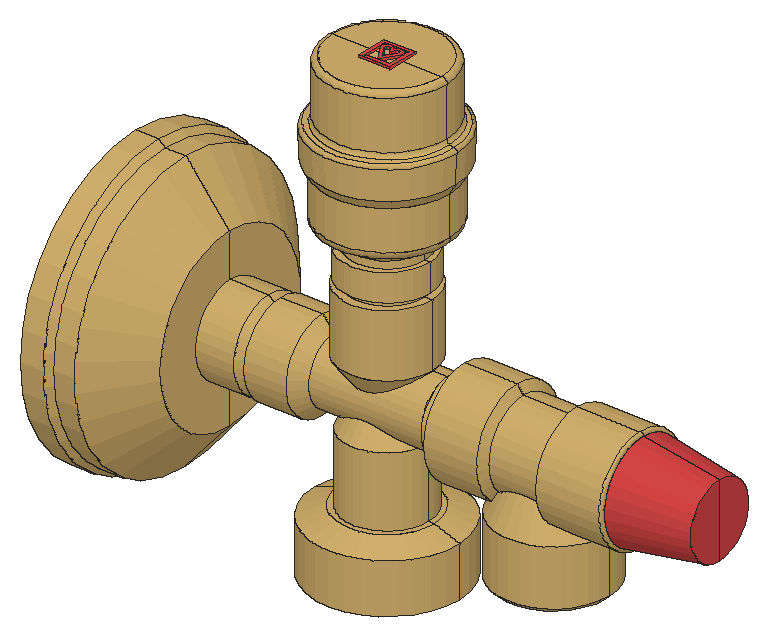
Revit family "Boiler group 2104", category Rohrzubehör, Revit 2021
Family settings
  Bemaßung runder Anschluss = Durchmesser verwenden
  Teiletyp = Normal
  OmniClass-Nummer = 23.65.55.14
  OmniClass-Titel = Valves for Liquid Services
  Arbeitsebenenbasiert = Nein
  Immer vertikal = Ja
  Beim Laden mit Abzugskörper schneiden = Nein
  Gemeinsam genutzt = Nein
Parameters
  min. Operating temperature = -10 °C  # constant formula
  max. Operating temperature = 110 °C  # constant formula
  Weight = 0.663  # constant formula
  Vorgabe-Ansicht = 0.000 mm
  URL = "www.herzvalves.com"
  Thermal insulation = "EPP"  # constant formula
  Safety valve = "forged brass acc. to EN 12165; CW 617N "  # constant formula
  SCRNSEQ = "AWI;AWI_TYP=\"1001\";2"
  SCRNCODE = "02;04;02"  # constant formula
  S08 = 17.700 mm  # constant formula
  S07 = 69.900 mm  # constant formula
  S06 = 42.700 mm  # constant formula
  S05 = 71.000 mm  # constant formula
  S04 = 32.000 mm  # constant formula
  S03 = 45.000 mm  # constant formula
  S02 = L18 + L19  # 95.300 mm
  S01 = 31.800 mm  # constant formula
  R25 = 10.400 mm  # constant formula
  R24 = 13.900 mm  # constant formula
  R23 = 10.400 mm  # constant formula
  R22 = 12.300 mm  # constant formula
  R21 = 14.800 mm  # constant formula
  R20 = 9.300 mm  # constant formula
  R19 = 16.000 mm  # constant formula
  R18 = Nennweite SV / 2  # 10.000 mm
  R17 = 20.800 mm  # constant formula
  R16 = 12.000 mm  # constant formula
  R15 [instance] = Nennweite Anschluss / 2  # 12.500 mm
  R14 = R04  # 10.650 mm
  R13 = 17.900 mm  # constant formula
  R12 = 17.100 mm  # constant formula
  R11 = 12.500 mm  # constant formula
  R10 = R04  # 10.650 mm
  R09 = 13.000 mm  # constant formula
  R08 = R04  # 10.650 mm
  R07 = 9.500 mm  # constant formula
  R06 = 9.300 mm  # constant formula
  R05 = 13.000 mm  # constant formula
  R04 = 21.300 mm / 2  # 10.650 mm
  R03 = 12.700 mm  # constant formula
  R02 = 39.900 mm  # constant formula
  R01 = 41.500 mm  # constant formula
  Pressure gauge = "pressure range display from 0 to 4 bar"  # constant formula
  Part number [instance] = if(Nennweite Anschluss = 25.000 mm, 1210415, 0)  # 1210415
  Opening pressure = 300000.0 Pa  # constant formula
  Nennweite SV = 20.000 mm  # constant formula
  Nennweite Anschluss [instance] = 25.000 mm  # constant formula
  Medium = "water purity in accordance with the ÖNORM H 5195 and VDI 2035 standards"
  L19 = 22.000 mm  # constant formula
  L18 = 73.300 mm  # constant formula
  L17 = 95.300 mm  # constant formula
  L16 = 21.400 mm  # constant formula
  L15 = 47.800 mm  # constant formula
  L14 = 31.500 mm  # constant formula
  L13 = 46.500 mm  # constant formula
  L12 = 29.500 mm  # constant formula
  L11 = 31.200 mm  # constant formula
  L10 = 86.000 mm  # constant formula
  L09 = 20.700 mm  # constant formula
  L08 = 37.200 mm  # constant formula
  L07 = 27.700 mm  # constant formula
  L06 = 34.400 mm  # constant formula
  L05 = 19.400 mm  # constant formula
  L04 = 30.600 mm  # constant formula
  L03 = 52.400 mm  # constant formula
  L02 = 27.000 mm  # constant formula
  L01 = 72.000 mm  # constant formula
  Hersteller = "Herz-Armaturen GmbH"  # constant formula
  Field of application = "The boiler group consists of basic safety elements that are used in boiler installations for central heating up to 50 kW (safety valve, vent plug, pressure gauge)."
  Connection piece = "forged brass acc. to EN 12165; CW 617N "  # constant formula
  Air vent = "forged brass acc. to EN 12165; CW 617N"  # constant formula
Reference planes
  plane 1 "Mitte (Vorne/hinten)": y = 0
  plane 2: z = 0
  plane 3 "Mitte (Links/rechts)": x = 0
Forms (mm)
  Revolve 1, solid, material "Messing", detail levels fine
    sketch origin (0, 0, 0) x (1, 0, 0) y (0, 0, 1)
      loop
        line (-72, 41.5) -> (-72, 0) -> (-19.6, 0) -> (-19.6, 9.485) -> (-20.765, 10.65) -> (-31.58, 10.65) -> (-33.8, 12.7) -> (-45, 12.7) -> (-45, 25.131) -> (-57.8, 39.9) -> (-63.8, 39.9) -> (-65.4, 41.5) -> (-72, 41.5)
      axis (-72, 0) -> (-19.6, 0)
    angle from 0 to 360
  Revolve 2, solid, material "Messing", detail levels fine
    sketch origin (0, 0, 0) x (1, 0, 0) y (0, 0, 1)
      loop
        line (-30.6, 13) -> (-30.6, 10.465) -> (-29.435, 9.3) -> (-19.4, 9.3) -> (-19.4, 0) -> (34.4, 0) -> (34.4, 9.485) -> (33.235, 10.65) -> (18.4, 10.65) -> (17.42, 9.5) -> (-15.065, 9.5) -> (-18.565, 13) -> (-30.6, 13)
      axis (-30.6, 0) -> (34.4, 0)
    angle from 0 to 360
  Revolve 3, solid, material "Messing", detail levels fine
    sketch origin (0, 0, 0) x (1, 0, 0) y (0, 0, 1)
      loop
        line (0, 0) -> (-6, 0) -> (-12, -9.5) -> (-12, -29.5) -> (-13.65, -29.5) -> (-20.8, -32.25) -> (-20.8, -46.5) -> (-12.5, -46.5) -> (-12.5, -33.02) -> (0, -33.02) -> (0, 0)
      axis (0, 0) -> (0, -46.5)
    angle from 0 to 360
  Revolve 4, solid, material "Messing", detail levels fine
    sketch origin (0, 0, 0) x (1, 0, 0) y (0, 0, 1)
      loop
        line (0, 31.2) -> (0, 86) -> (-15.6, 86)
        arc (-15.6, 86) -> (-16.661, 85.561) -> (-17.1, 84.5) r 1.5
        line (-17.1, 84.5) -> (-17.1, 70.6)
        arc (-17.1, 70.6) -> (-17.278, 69.797) -> (-17.778, 69.145) r 1.899
        line (-17.778, 69.145) -> (-19.197, 68.844)
        arc (-19.197, 68.844) -> (-19.771, 68.418) -> (-19.974, 67.733) r 1.128
        line (-19.974, 67.733) -> (-19.7, 59.5) -> (-17.9, 56.7) -> (-17.9, 45.325)
        arc (-17.9, 45.325) -> (-17.131, 43.469) -> (-15.275, 42.7) r 2.625
        line (-15.275, 42.7) -> (-10.65, 39.2) -> (-10.65, 32.365) -> (-9.485, 31.2) -> (0, 31.2)
      axis (0, 86) -> (0, 31.2)
    angle from 0 to 360
  Revolve 5, solid, material "Messing", detail levels fine
    sketch origin (0, 0, 0) x (1, 0, 0) y (0, 0, 1)
      loop
        line (-12.5, 37.2) -> (-12.5, 29.435) -> (-10.65, 28.7) -> (-10.65, 21.865) -> (-9.485, 20.7) -> (0, 20.7) -> (0, 37.2) -> (-12.5, 37.2)
      axis (0, 37.2) -> (0, 20.7)
    angle from 0 to 360
  Revolve 6, solid, material "Messing", detail levels fine
    sketch origin (0, 0, 0) x (1, 0, 0) y (0, 0, 1)
      loop
        line (-13, 27.7) -> (-13, 9.525) -> (-6, 0) -> (0, 0) -> (0, 27.7) -> (-13, 27.7)
      axis (0, 27.7) -> (0, 0)
    angle from 0 to 360
  Revolve 7, solid, material "Messing", detail levels fine
    sketch origin (0, 0, 0) x (1, 0, 0) y (0, 0, 1)
      loop
        line (21.4, 9.3) -> (36.4, 9.3) -> (36.4, 0) -> (73.278, 0) -> (73.278, 13.893)
        arc (73.278, 13.893) -> (73.1, 14.525) -> (72.504, 14.8) r 0.784
        line (72.504, 14.8) -> (54.504, 14.8) -> (53.049, 12.3) -> (38.855, 12.3) -> (37.4, 14.8) -> (22.295, 14.8) -> (21.4, 13.25) -> (21.4, 9.3)
      axis (21.4, 0) -> (73.278, 0)
    angle from 0 to 360
  Revolve 8, solid, material "Messing", detail levels fine
    sketch origin (0, 0, 0) x (1, 0, 0) y (0, 0, 1)
      loop
        line (47.8, -18.34) -> (47.8, 0) -> (39.55, 0) -> (31.8, -14.5) -> (31.8, -30.5) -> (32.8, -31.5) -> (37.8, -31.5) -> (37.8, -18.34) -> (47.8, -18.34)
      axis (47.8, 0) -> (47.8, -31.5)
    angle from 0 to 360
  Revolve 9, solid, material "Kunststoff - Rot", detail levels fine
    sketch origin (0, 0, 0) x (1, 0, 0) y (0, 0, 1)
      loop
        line (95.278, 0) -> (95.278, 10.4) -> (73.3, 13.9) -> (73.3, 0) -> (95.278, 0)
      axis (73.3, 0) -> (95.278, 0)
    angle from 0 to 360
Lines and regions (mm)
  model lines, detail levels coarse+medium
    curve 1: line (20.8, 0, -47.5) -> (-20.8, 0, -47.5)
    curve 2: line (0, 0, -47.5) -> (0, 0, 24.8)
    curve 3: line (-18, 0, 0) -> (21.4, 0, 0)
    curve 4: line (21.4, 0, 14.8) -> (21.4, 0, -14.8)
    curve 5: line (21.4, 0, -14.8) -> (47.8, 0, 0)
    curve 6: line (47.8, 0, 0) -> (21.4, 0, 14.8)
    curve 7: line (47.8, 0, 0) -> (31.8, 0, -31.5)
    curve 8: line (31.8, 0, -31.5) -> (63.8, 0, -31.5)
    curve 9: line (63.8, 0, -31.5) -> (47.8, 0, 0)
    curve 10: line (47.8, 0, 0) -> (95.3, 0, 0)
    curve 16: line (0, 0, 87.6) -> (-17.7, 0, 69.9)
    curve 17: circle (0, 0, 42.7) r 17.9 normal (0, -1, 0)
    curve 18: line (0, 0, 60.6) -> (0, 0, 87.6)
    curve 19: line (0, 0, 87.6) -> (17.7, 0, 69.9)
    curve 20: line (-60.91, 0, -15.91) -> (-29.09, 0, 15.91)
    curve 21: line (-29.09, 0, 15.91) -> (-29.09, 0, 5.91)
    curve 22: line (-29.09, 0, 15.91) -> (-39.09, 0, 15.91)
    curve 23: line (-20.8, -46.5, 0) -> (20.8, -46.5, 0)
    curve 24: line (0, -46.5, 0) -> (0, 24.8, 0)
    curve 25: circle (0, 42.7, 0) r 17.9 normal (0, 0, 1)
    curve 26: line (-0.022, 60.6, 0) -> (-0.022, 87.578, 0)
    curve 27: line (-0.022, 87.578, 0) -> (-17.7, 69.9, 0)
    curve 28: line (0.022, 87.578, 0) -> (17.7, 69.9, 0)
    curve 29: circle (-45, 0, 0) r 27 normal (0, 0, 1)
    curve 30: line (-60.91, -15.91, 0) -> (-29.09, 15.91, 0)
    curve 31: line (-29.09, 15.91, 0) -> (-29.09, 5.91, 0)
    curve 32: line (-29.09, 15.91, 0) -> (-39.09, 15.91, 0)
    curve 33: line (-18, 0, 0) -> (20.505, 0, 0)
    curve 34: line (21.4, 14.8, 0) -> (21.4, -14.8, 0)
    curve 35: line (21.4, -14.8, 0) -> (47.8, 0, 0)
    curve 36: line (47.8, 0, 0) -> (21.4, 14.8, 0)
    curve 37: line (47.8, 0, 0) -> (95.3, 0, 0)
    curve 38: line (71, 10.619, 0) -> (63.27, -10.619, 0)
    curve 39: line (79, 10.619, 0) -> (71.27, -10.619, 0)
    curve 40: line (87, 10.619, 0) -> (79.27, -10.619, 0)
    curve 41: line (95, 10.619, 0) -> (87.27, -10.619, 0)
    curve 42: line (47.8, 0, 0) -> (31.8, -31.5, 0)
    curve 43: line (31.8, -31.5, 0) -> (63.8, -31.5, 0)
    curve 44: line (63.8, -31.5, 0) -> (47.8, 0, 0)
  model lines
    curve 11: line (95, 0, 10.596) -> (87.287, 0, -10.596)
    curve 12: line (87, 0, 10.596) -> (79.287, 0, -10.596)
    curve 13: line (79, 0, 10.596) -> (71.287, 0, -10.596)
    curve 14: line (71, 0, 10.596) -> (63.287, 0, -10.596)
    curve 15: circle (-45, 0, 0) r 27 normal (0, -1, 0)
Dimensions and locks
  "R01": Revolve 1 sketch curve to Revolve 1 sketch curve
  "L01": plane 3 "Mitte (Links/rechts)" to Revolve 1 sketch curve
  "L02": Revolve 1 sketch curve to Revolve 1 sketch curve
  "R02": Revolve 1 sketch curve to Revolve 1 sketch curve
  "R03": Revolve 1 sketch curve to Revolve 1 sketch curve
  "L03": Revolve 1 sketch curve to Revolve 1 sketch curve
  "R04": Revolve 1 sketch curve to Revolve 1 sketch curve
  "L04": plane 3 "Mitte (Links/rechts)" to Revolve 2 sketch curve
  "R05": Revolve 2 sketch curve to Revolve 2 sketch curve
  "R06": Revolve 2 sketch curve to Revolve 2 sketch curve
  "R07": Revolve 2 sketch curve to Revolve 2 sketch curve
  "R08": Revolve 2 sketch curve to Revolve 2 sketch curve
  "L05": plane 3 "Mitte (Links/rechts)" to Revolve 2 sketch curve
  "L06": Revolve 2 sketch curve to plane 3 "Mitte (Links/rechts)"
  "R09": Revolve 6 sketch curve to Revolve 6 sketch curve
  "L07": Revolve 6 sketch curve to Revolve 6 sketch curve
  "L09": Revolve 5 sketch curve to Revolve 6
  "L08": Revolve 5 sketch curve to Revolve 6
  "R11": Revolve 5 sketch curve to Revolve 5 sketch curve
  "R10": Revolve 5 sketch curve to Revolve 5 sketch curve
  "R12": Revolve 4 sketch curve to Revolve 4 sketch curve
  "R13": Revolve 4 sketch curve to Revolve 4 sketch curve
  "R14": Revolve 4 sketch curve to Revolve 4 sketch curve
  "L11": Revolve 4 sketch curve to Revolve 6
  "L10": Revolve 4 sketch curve to Revolve 6
  "L13": Revolve 3 sketch curve to Revolve 3 sketch curve
  "L12": Revolve 3 sketch curve to Revolve 3 sketch curve
  "R16": Revolve 3 sketch curve to Revolve 3 sketch curve
  "R17": Revolve 3 sketch curve to Revolve 3 sketch curve
  "R15": Revolve 3 sketch curve to Revolve 3 sketch curve
  "R19": Revolve 8 sketch curve to Revolve 8 sketch curve
  "R18": Revolve 8 sketch curve to Revolve 8 sketch curve
  "L14": Revolve 8 sketch curve to Revolve 8 sketch curve
  "L15": Revolve 8 sketch curve to plane 3 "Mitte (Links/rechts)"
  "L16": Revolve 7 sketch curve to plane 3 "Mitte (Links/rechts)"
  "R20": Revolve 7 sketch curve to Revolve 7 sketch curve
  "R21": Revolve 7 sketch curve to Revolve 7 sketch curve  (x2)
  "R22": Revolve 7 sketch curve to Revolve 7 sketch curve
  "R25": Revolve 9 sketch curve to Revolve 9 sketch curve
  "R24": Revolve 9 sketch curve to Revolve 9 sketch curve
  "L19": Revolve 9 sketch curve to Revolve 7
  "L18": plane 3 "Mitte (Links/rechts)" to Revolve 9 sketch curve
  "R17": curve 1 to plane 3 "Mitte (Links/rechts)" to curve 1
  "L13": plane 2 to Revolve 3
  "S06": curve 17 to plane 2
  "S07": curve 16 to plane 2
  "S07": curve 19 to plane 2
  "S08": curve 19 to plane 3 "Mitte (Links/rechts)"
  "S08": plane 3 "Mitte (Links/rechts)" to curve 16
  "S03": plane 3 "Mitte (Links/rechts)" to curve 15
  "L16": curve 4 to plane 3 "Mitte (Links/rechts)"
  "R21": curve 6 to plane 2 to curve 5
  "L15": curve 10 to plane 3 "Mitte (Links/rechts)"
  "L14": plane 2 to curve 8
  "S01": curve 8 to plane 3 "Mitte (Links/rechts)"
  "S04": curve 8 to curve 9
  "S02": curve 10 to plane 3 "Mitte (Links/rechts)"
  equal spacing: curve 14, plane 2, curve 14
  equal spacing: curve 13, plane 2, curve 13
  equal spacing: curve 12, plane 2, curve 12
  equal spacing: curve 11, plane 2, curve 11
  curve 11 to curve 12 = 8.000 mm
  curve 12 to curve 13 = 8.000 mm
  curve 13 to curve 14 = 8.000 mm
  "S05": curve 14 to plane 3 "Mitte (Links/rechts)"
  "S07": plane 1 "Mitte (Vorne/hinten)" to curve 27
  "S08": curve 27 to plane 3 "Mitte (Links/rechts)"
  "S08": plane 3 "Mitte (Links/rechts)" to curve 28
  "S07": plane 1 "Mitte (Vorne/hinten)" to curve 28
  "S06": plane 1 "Mitte (Vorne/hinten)" to curve 25
  "R17": curve 23 to plane 3 "Mitte (Links/rechts)" to curve 23
  "L13": curve 23 to plane 1 "Mitte (Vorne/hinten)"
  "S03": curve 29 to plane 3 "Mitte (Links/rechts)"
  "L16": plane 3 "Mitte (Links/rechts)" to curve 34
  "R21": plane 1 "Mitte (Vorne/hinten)" to curve 36
  "R21": curve 35 to plane 1 "Mitte (Vorne/hinten)"
  "L15": plane 3 "Mitte (Links/rechts)" to curve 36
  "S02": plane 3 "Mitte (Links/rechts)" to curve 37
  equal spacing: curve 38, plane 1 "Mitte (Vorne/hinten)", curve 38
  "S05": plane 3 "Mitte (Links/rechts)" to curve 38
  equal spacing: curve 39, plane 1 "Mitte (Vorne/hinten)", curve 39
  curve 38 to curve 39 = 8.000 mm
  equal spacing: curve 40, plane 1 "Mitte (Vorne/hinten)", curve 40
  curve 40 to curve 39 = 8.000 mm
  curve 41 to curve 40 = 8.000 mm
  equal spacing: curve 41, plane 1 "Mitte (Vorne/hinten)", curve 41
  "L14": curve 43 to plane 1 "Mitte (Vorne/hinten)"
  "S01": plane 3 "Mitte (Links/rechts)" to curve 43
  "S04": curve 43 to curve 44
  "R13": radius of curve 17
  "L02": radius of curve 15
  "R13": radius of curve 25
  "L02": radius of curve 29
  angle curve 16 to curve 18 = 45.00°
  angle plane 3 "Mitte (Links/rechts)" to curve 19 = 45.00°
  angle curve 20 to curve 21 = 45.00°
  angle plane 2 to curve 11 = 70.00°
  angle plane 2 to curve 12 = 70.00°
  angle plane 2 to curve 13 = 70.00°
  angle plane 2 to curve 14 = 70.00°
  angle curve 27 to curve 26 = 45.0005°
  angle curve 26 to curve 28 = 45.0005°
  angle curve 30 to curve 31 = 45.00°
  angle plane 1 "Mitte (Vorne/hinten)" to curve 38 = 70.00°
  angle plane 1 "Mitte (Vorne/hinten)" to curve 39 = 70.00°
  angle plane 1 "Mitte (Vorne/hinten)" to curve 40 = 70.00°
  angle plane 1 "Mitte (Vorne/hinten)" to curve 41 = 70.00°
  aligned and locked: level to plane 2
Automatic sketch dimensions
  curve 17 to plane 3 "Mitte (Links/rechts)" = 0.000 mm
  curve 2 to plane 3 "Mitte (Links/rechts)" = 0.000 mm
  curve 7 to level = 0.000 mm
  curve 15 to level = 0.000 mm
  curve 3 to level = 0.000 mm
  curve 20 to curve 3 = 11.090 mm
  level to curve 22 = 15.910 mm
  curve 22 to curve 20 = 10.000 mm
  curve 1 to curve 7 = 16.000 mm
  curve 24 to plane 3 "Mitte (Links/rechts)" = 0.000 mm
  plane 1 "Mitte (Vorne/hinten)" to curve 33 = 0.000 mm
  plane 1 "Mitte (Vorne/hinten)" to curve 42 = 0.000 mm
  plane 1 "Mitte (Vorne/hinten)" to curve 29 = 0.000 mm
  curve 30 to curve 33 = 11.090 mm
  curve 25 to plane 3 "Mitte (Links/rechts)" = 0.000 mm
  curve 32 to plane 1 "Mitte (Vorne/hinten)" = 15.910 mm
  curve 32 to curve 30 = 10.000 mm
  curve 33 to curve 34 = 0.895 mm
  Revolve 1 sketch curve to level = 0.000 mm  (x2)
  Revolve 1 sketch curve to Revolve 1 sketch curve = 6.600 mm
  Revolve 1 sketch curve to Revolve 1 sketch curve = 1.600 mm
  Revolve 1 sketch curve to Revolve 1 sketch curve = 6.000 mm
  Revolve 1 sketch curve to Revolve 1 sketch curve = 11.200 mm
  Revolve 1 sketch curve to Revolve 1 sketch curve = 2.220 mm
  Revolve 1 sketch curve to Revolve 1 sketch curve = 1.165 mm  (x2)
  Revolve 1 sketch curve to Revolve 1 sketch curve = 12.431 mm
  Revolve 1 sketch curve to Revolve 1 sketch curve = 1279.990 mm
  plane 3 "Mitte (Links/rechts)" to Revolve 1 sketch curve = 1898.983 mm
  Revolve 2 sketch curve to level = 0.000 mm  (x2)
  Revolve 2 sketch curve to Revolve 2 sketch curve = 1.165 mm  (x4)
  Revolve 2 sketch curve to Revolve 2 sketch curve = 0.835 mm
  Revolve 2 sketch curve to Revolve 2 sketch curve = 4.335 mm
  Revolve 2 sketch curve to Revolve 2 sketch curve = 16.980 mm
  Revolve 2 sketch curve to Revolve 2 sketch curve = 0.980 mm
  Revolve 2 sketch curve to Revolve 2 sketch curve = 1321.410 mm
  Revolve 2 sketch curve to Revolve 2 sketch curve = 1864.563 mm
  Revolve 3 sketch curve to level = 0.000 mm
  Revolve 3 sketch curve to plane 3 "Mitte (Links/rechts)" = 0.000 mm  (x2)
  Revolve 3 sketch curve to Revolve 3 sketch curve = 1.650 mm
  Revolve 3 sketch curve to Revolve 3 sketch curve = 6.000 mm
  Revolve 3 sketch curve to Revolve 3 sketch curve = 3.520 mm
  Revolve 3 sketch curve to Revolve 3 sketch curve = 2.750 mm
  Revolve 3 sketch curve to level = 9.500 mm
  Revolve 3 sketch curve to Revolve 3 sketch curve = 319.545 mm
  level to Revolve 3 sketch curve = 2214.315 mm
  Revolve 4 sketch curve to plane 3 "Mitte (Links/rechts)" = 0.000 mm  (x2)
  Revolve 4 sketch curve to Revolve 4 sketch curve = 1.747 mm
  Revolve 4 sketch curve to Revolve 4 sketch curve = 1.899 mm
  Revolve 4 sketch curve to Revolve 4 sketch curve = 0.350 mm
  Revolve 4 sketch curve to Revolve 4 sketch curve = 1.800 mm
  Revolve 4 sketch curve to Revolve 4 sketch curve = 1.128 mm
  Revolve 4 sketch curve to Revolve 4 sketch curve = 1.419 mm
  Revolve 4 sketch curve to Revolve 4 sketch curve = 1.500 mm
  Revolve 4 sketch curve to Revolve 4 sketch curve = 2.625 mm
  Revolve 4 sketch curve to Revolve 4 sketch curve = 1.165 mm  (x2)
  Revolve 4 sketch curve to Revolve 4 sketch curve = 6.835 mm
  Revolve 4 sketch curve to Revolve 4 sketch curve = 3.500 mm
  Revolve 4 sketch curve to Revolve 4 sketch curve = 11.375 mm
  Revolve 4 sketch curve to Revolve 4 sketch curve = 2.800 mm
  Revolve 4 sketch curve to Revolve 4 sketch curve = 8.233 mm
  Revolve 4 sketch curve to Revolve 4 sketch curve = 0.038 mm
  Revolve 4 sketch curve to Revolve 4 sketch curve = 0.302 mm
  Revolve 4 sketch curve to level = 366.045 mm
  Revolve 4 sketch curve to Revolve 4 sketch curve = 2128.315 mm
  Revolve 5 sketch curve to plane 3 "Mitte (Links/rechts)" = 0.000 mm  (x2)
  Revolve 5 sketch curve to Revolve 5 sketch curve = 1.165 mm  (x2)
  Revolve 5 sketch curve to Revolve 5 sketch curve = 6.835 mm
  Revolve 5 sketch curve to Revolve 5 sketch curve = 0.735 mm
  Revolve 5 sketch curve to level = 366.045 mm
  Revolve 5 sketch curve to Revolve 5 sketch curve = 2177.115 mm
  Revolve 6 sketch curve to level = 0.000 mm
  Revolve 6 sketch curve to plane 3 "Mitte (Links/rechts)" = 0.000 mm  (x2)
  Revolve 6 sketch curve to plane 3 "Mitte (Links/rechts)" = 6.000 mm
  level to Revolve 6 sketch curve = 9.525 mm
  Revolve 6 sketch curve to level = 366.045 mm
  Revolve 6 sketch curve to Revolve 6 sketch curve = 2186.615 mm
  Revolve 7 sketch curve to level = 0.000 mm  (x2)
  Revolve 7 sketch curve to Revolve 7 sketch curve = 0.895 mm
  Revolve 7 sketch curve to Revolve 7 sketch curve = 15.000 mm
  Revolve 7 sketch curve to Revolve 7 sketch curve = 1.000 mm
  Revolve 7 sketch curve to Revolve 7 sketch curve = 1.455 mm  (x2)
  Revolve 7 sketch curve to Revolve 7 sketch curve = 14.194 mm
  Revolve 7 sketch curve to Revolve 7 sketch curve = 18.000 mm
  Revolve 7 sketch curve to Revolve 7 sketch curve = 0.774 mm
  Revolve 7 sketch curve to Revolve 7 sketch curve = 1.550 mm
  Revolve 7 sketch curve to Revolve 7 sketch curve = 0.907 mm
  Revolve 7 sketch curve to plane 3 "Mitte (Links/rechts)" = 1351.990 mm
  Revolve 7 sketch curve to Revolve 7 sketch curve = 1825.705 mm
  Revolve 8 sketch curve to level = 0.000 mm  (x2)
  Revolve 8 sketch curve to Revolve 8 sketch curve = 0.000 mm  (x2)
  Revolve 8 sketch curve to Revolve 8 sketch curve = 8.250 mm
  Revolve 8 sketch curve to Revolve 8 sketch curve = 1.000 mm  (x2)
  Revolve 8 sketch curve to Revolve 8 sketch curve = 13.160 mm
  Revolve 8 sketch curve to Revolve 8 sketch curve = 3.840 mm
  Revolve 9 sketch curve to level = 0.000 mm  (x2)
  Revolve 9 sketch curve to plane 3 "Mitte (Links/rechts)" = 1351.990 mm
  Revolve 9 sketch curve to Revolve 9 sketch curve = 1803.683 mm
Nested families
  nested 1: "Herz-Logo" at (0, 0, 85), type "Herz-Logo", detail levels fine
Connectors
  piping at (0, 0, -33.02), diameter 25, driven by "Nennweite Anschluss"
    settings: on Revolve 3, index 1, connector inside diameter 609.6 mm, connector length 0.000 mm, flow factor 0, pipe flow 0.0 L/s, pressure drop 0.0 Pa, fitting loss kfactor 0, connector angle 0.00°, fixture units 0, engagement length 0.000 mm, angle of deflection 0.00°, flow configuration 0, flow direction 1, fitting loss method 0, system type 29, joint type 0, gender type 0, connector reference index -1, connector utility 0, adjustable connector no, is connector primary yes, connector description ""
  piping at (47.8, 0, -18.34), diameter 20, driven by "Nennweite SV"
    settings: on Revolve 8, index 2, connector inside diameter 609.6 mm, connector length 0.000 mm, flow factor 0, pipe flow 0.0 L/s, pressure drop 0.0 Pa, fitting loss kfactor 0, connector angle 0.00°, fixture units 0, engagement length 0.000 mm, angle of deflection 0.00°, flow configuration 0, flow direction 2, fitting loss method 0, system type 29, joint type 0, gender type 0, connector reference index -1, connector utility 0, adjustable connector no, is connector primary no, connector description ""
Definition of nested family "Herz-Logo"
  Parameters (values of type "Herz-Logo")
    Default Elevation = 0.000 mm
  Reference planes
    plane 1 "Mitte (Vorne/hinten)": y = 0
    plane 2: z = 0
    plane 3 "Mitte (Links/rechts)": x = 0
  Forms (mm)
    Extrusion 1, solid
      sketch origin (0, 0, 0) x (1, 0, 0) y (0, 1, 0)
        loop
          line (-0.018, -4.517) -> (4.482, -4.517) -> (4.482, 4.483) -> (-4.518, 4.483) -> (-4.518, -4.517) -> (-0.018, -4.517)
        loop
          line (-0.05, -3.48) -> (3.482, -3.48) -> (3.482, 3.483) -> (-3.518, 3.483) -> (-3.518, -3.48) -> (-0.05, -3.48)
        loop
          arc (-0.018, 2.383) -> (-1.543, 3.287) -> (-3.067, 2.383) r 1.738
          arc (-3.067, 2.383) -> (-3.191, 1.899) -> (-3.067, 1.415) r 1.009
          line (-3.067, 1.415) -> (-0.018, -3.281) -> (3.032, 1.415)
          arc (3.032, 1.415) -> (3.156, 1.899) -> (3.032, 2.383) r 1.009
          arc (3.032, 2.383) -> (1.507, 3.287) -> (-0.018, 2.383) r 1.738
        loop
          arc (1.885, 1.272) -> (2.005, 1.675) -> (1.885, 2.079) r 0.74
          arc (1.885, 2.079) -> (1.265, 2.416) -> (0.644, 2.079) r 0.74
          line (0.644, 2.079) -> (-0.018, 0.97) -> (-0.679, 2.079)
          arc (-0.679, 2.079) -> (-1.3, 2.416) -> (-1.921, 2.079) r 0.74
          arc (-1.921, 2.079) -> (-2.04, 1.675) -> (-1.921, 1.272) r 0.74
          line (-1.921, 1.272) -> (-0.018, -1.658) -> (1.885, 1.272)
      from 0 to 1.5
  Dimensions and locks
    aligned and locked: level to plane 2
